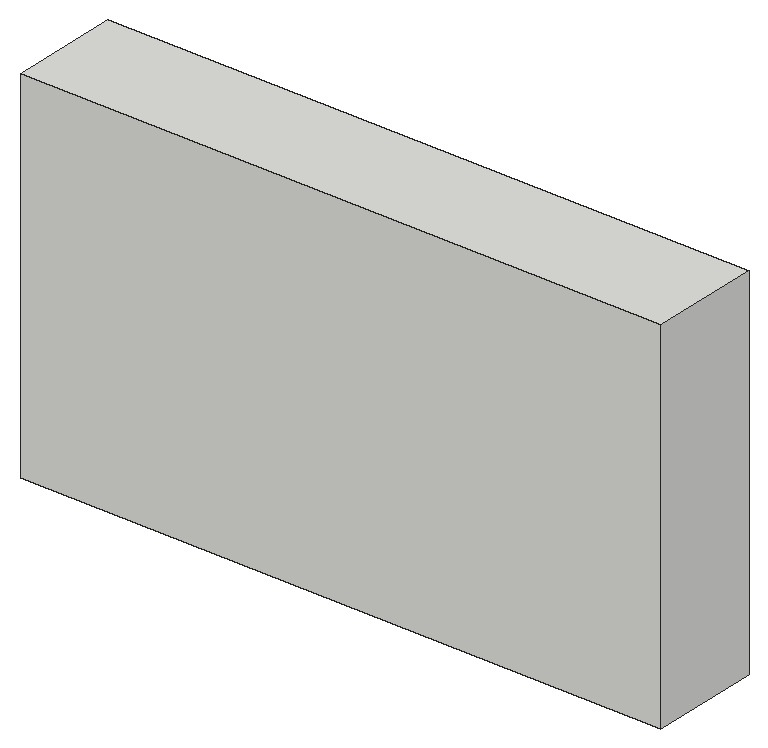
Revit family "T93061E Kubus65 M LED 32m stål LED driver_Vegg", category Lighting Fixtures, Revit 2016
Family settings
  Part Type = Normal
  Round Connector Dimension = Use Diameter
  OmniClass Number = 23.80.70.11.21
  OmniClass Title = Emergency Lighting
  Work Plane-Based = No
  Always vertical = Yes
  Cut with Voids When Loaded = No
  Light Source = Yes
  Shared = No
  Room Calculation Point = No
Parameters (values of type "MarkeringsLys (45 Opp mot venstre)")
  Type Comments = "-UN"
  NS8360 = "4431_WT2"
  Markeringslys normal = no
  Markeringslys ikke normal = yes
  Keynote = "WT2"
  Height 2 = 0 mm  # constant formula
  Width = 63.5 mm
  Wattage Comments = "17 W"
  Wattage = 9.2903 W
  built-in parameter 1150110 = 1 (stored number, unit not read)
  Voltage = 230 V
  URL = ""
  built-in parameter 1114217 = 1 (stored number, unit not read)
  Tilt Angle = 90.00°
  built-in parameter 1150109 = 1 (stored number, unit not read)
  built-in parameter 1150134 = 3
  Symbol Positive Direction [instance] = yes
  Symbol Offset Side [instance] = 0 mm
  Symbol Offset Out [instance] = 0 mm
  built-in parameter 1150113 = 1 (stored number, unit not read)
  Reference Line Out [instance] = 50 mm
  Photometric Web File = "20x42A12.ies"
  Number of Poles = 1
  MarkeringsLys Venstre = no
  MarkeringsLys Ned = no
  MarkeringsLys Opp = no
  MarkeringsLys Høyre = no
  MarkeringsLys 45 Opp mot venstre = yes
  MarkeringsLys 45 Opp mot høyre = no
  MarkeringsLys 45 Ned mot venstre = no
  MarkeringsLys 45 Ned mot høyre = no
  ML = yes
  built-in parameter 1150105 = 109.82 (stored number, unit not read)
  Lumens = 1380 lm
  built-in parameter 1150115 = 1 (stored number, unit not read)
  Load Classification [instance] = Other
  Model = ""
  Manufacturer = "Honeywell"
  built-in parameter 1150137 = (empty or 0)
  built-in parameter 1150139 = (empty or 0)
  Length 1 = 340 mm
  Length = 370 mm
  LedeLys = no
  built-in parameter 1150112 = 1 (stored number, unit not read)
  built-in parameter 1150114 = 1 (stored number, unit not read)
  Lamp = "1"
  built-in parameter 1150132 = (empty or 0)
  built-in parameter 1150102 = (empty or 0)
  built-in parameter 1150107 = 3200 (stored number, unit not read)
  built-in parameter 1150138 = (empty or 0)
  built-in parameter 1150106 = 1.0982 (stored number, unit not read)
  Height 1 = 180 mm
  Height = 209 mm
  Emit from Rectangle Width = Height  # 209 mm
  Emit from Rectangle Length = Length  # 370 mm
  Emit Shape Visible in Rendering = no
  built-in parameter 1150104 = 13.8 (stored number, unit not read)
  Dimming Lamp Color Temperature Shift = <None>
  Description = ""
  Color Filter = 16777215
  Body Material and Colour = Steel
  built-in parameter 1114218 = 1 (stored number, unit not read)
  built-in parameter 1150133 = 10 (stored number, unit not read)
  Assembly Code = "4431"
  Apparent Load = 17 VA
Types (9, lengths in mm): name | NS8360 | Markeringslys normal | Markeringslys ikke normal | MarkeringsLys Venstre | MarkeringsLys Ned | MarkeringsLys Opp | MarkeringsLys Høyre | MarkeringsLys 45 Opp mot venstre | MarkeringsLys 45 Opp mot høyre | MarkeringsLys 45 Ned mot venstre | MarkeringsLys 45 Ned mot høyre | ML | LedeLys | Assembly Code
  LedeLys | "4432_WT2" | yes | no | no | no | no | no | no | no | no | no | no | yes | "4432"
  MarkeringsLys (Ned) | "4431_WT2" | yes | no | no | yes | no | no | no | no | no | no | yes | no | "4431"
  MarkeringsLys (Opp) | "4431_WT2" | yes | no | no | no | yes | no | no | no | no | no | yes | no | "4431"
  MarkeringsLys (Venstre) | "4431_WT2" | no | yes | yes | no | no | no | no | no | no | no | yes | no | "4431"
  MarkeringsLys (Høyre) | "4431_WT2" | yes | no | no | no | no | yes | no | no | no | no | yes | no | "4431"
  MarkeringsLys (45 Ned mot høyre) | "4431_WT2" | yes | no | no | no | no | no | no | no | no | yes | yes | no | "4431"
  MarkeringsLys (45 Ned mot venstre) | "4431_WT2" | no | yes | no | no | no | no | no | no | yes | no | yes | no | "4431"
  MarkeringsLys (45 Opp mot høyre) | "4431_WT2" | yes | no | no | no | no | no | no | yes | no | no | yes | no | "4431"
  MarkeringsLys (45 Opp mot venstre) | "4431_WT2" | no | yes | no | no | no | no | yes | no | no | no | yes | no | "4431"
Reference planes
  plane 1 "Light Source Axis (F/B)": y = 119.961
  plane 2 "Top": z = 83
  plane 3 "Light Source Axis (L/R)": x = 0
  plane 4 "Level": z = 0
  plane 5 "Bottom": z = -209
  plane 6: x = -185
  plane 7: x = 185
  plane 8: y = 181.461
  plane 9: y = 183.461
  plane 10: z = -14.5
  plane 11: x = -170
  plane 12: x = 170
  plane 13: z = -104.5
  plane 14: z = -194.5
  plane 15: x = -80
  plane 16: x = 80
  plane 17: y = 149.961
Forms (mm)
  Extrusion 1, solid, material "Steel" <- "Body Material and Colour"
    sketch origin (0, 119.961, 0) x (1, 0, 0) y (0, 0, 1)
      loop
        line (-185, 0) -> (-185, -209) -> (185, -209) -> (185, 0) -> (-185, 0)
    from 0 to -61.5
  Extrusion 2, solid, material "Steel" <- "Body Material and Colour"
    sketch origin (0, 119.961, 0) x (1, 0, 0) y (0, 0, 1)
      loop
        line (-185, 0) -> (-185, -209) -> (185, -209) -> (185, 0) -> (-185, 0)
      loop
        line (-170, -14.5) -> (-170, -194.5) -> (170, -194.5) -> (170, -14.5) -> (-170, -14.5)
    from -63.5 to -61.5
  Extrusion 3, solid, material "White"
    sketch origin (0, 119.961, 0) x (1, 0, 0) y (0, 0, 1)
      loop
        line (170, -14.5) -> (-170, -14.5) -> (-170, -194.5) -> (170, -194.5) -> (170, -14.5)
    from -61.5 to -30
Cuts and joins
  joined: Extrusion 1, Extrusion 2
Lines and regions (mm)
  model lines, style "InvisibleLines"
    curve 1: line (0, 119.961, 0) -> (0, 169.961, 0)
  symbolic lines, style "InvisibleLines"
    curve 2: line (0, 119.961, 0) -> (0, 119.961, 40)
Dimensions and locks
  equal spacing: plane 6, plane 3 "Light Source Axis (L/R)", plane 7
  "Length": plane 6 to plane 7
  plane 8 to plane 1 "Light Source Axis (F/B)" = 61.5 mm
  locked: plane 9 to plane 8 at 2
  equal spacing: plane 4 "Level", plane 13, plane 5 "Bottom"
  "Height": plane 4 "Level" to plane 5 "Bottom"
  equal spacing: plane 11, plane 3 "Light Source Axis (L/R)", plane 12
  "Length 1": plane 11 to plane 12
  equal spacing: plane 10, plane 13, plane 14
  "Height 1": plane 10 to plane 14
  "Width": plane 1 "Light Source Axis (F/B)" to plane 9
  "Reference Line Out": plane 1 "Light Source Axis (F/B)" to curve 1
  plane 11 to plane 6 = 15 mm
  "Height 2": level to plane 4 "Level"
  equal spacing: plane 16, plane 3 "Light Source Axis (L/R)", plane 15
  locked: plane 16 to plane 15 at 160
  plane 1 "Light Source Axis (F/B)" to plane 17 = 30 mm
  aligned and locked: plane 3 "Light Source Axis (L/R)" to nested 2
  aligned and locked: plane 1 "Light Source Axis (F/B)" to nested 2
  aligned and locked: plane 8 to nested 1
  aligned and locked: plane 4 "Level" to Extrusion 1 sketch curve
  aligned and locked: plane 6 to Extrusion 1 sketch curve
  aligned and locked: plane 5 "Bottom" to Extrusion 1 sketch curve
  aligned and locked: Extrusion 1 sketch curve to plane 7
  aligned and locked: Extrusion 1 to plane 8
  aligned and locked: plane 1 "Light Source Axis (F/B)" to Extrusion 1
  aligned and locked: plane 4 "Level" to Extrusion 2 sketch curve
  aligned and locked: Extrusion 2 sketch curve to plane 7
  aligned and locked: plane 5 "Bottom" to Extrusion 2 sketch curve
  aligned and locked: plane 6 to Extrusion 2 sketch curve
  aligned and locked: Extrusion 2 sketch curve to plane 10
  aligned and locked: plane 11 to Extrusion 2 sketch curve
  aligned and locked: plane 14 to Extrusion 2 sketch curve
  aligned and locked: Extrusion 2 sketch curve to plane 12
  aligned and locked: plane 8 to Extrusion 2
  aligned and locked: Extrusion 2 to plane 9
  aligned and locked: nested 1 to plane 13
  aligned and locked: plane 13 to imposter light
  aligned and locked: imposter light to plane 1 "Light Source Axis (F/B)"
  aligned and locked: imposter light to plane 3 "Light Source Axis (L/R)"
  aligned and locked: plane 1 "Light Source Axis (F/B)" to curve 1
  aligned and locked: plane 3 "Light Source Axis (L/R)" to curve 1
  aligned and locked: nested 3 to plane 3 "Light Source Axis (L/R)"
  aligned and locked: plane 13 to nested 3
  aligned and locked: nested 3 to plane 8
  aligned and locked: plane 13 to nested 4
  aligned and locked: nested 4 to plane 3 "Light Source Axis (L/R)"
  aligned and locked: nested 4 to plane 8
  aligned and locked: plane 13 to nested 5
  aligned and locked: nested 5 to plane 3 "Light Source Axis (L/R)"
  aligned and locked: nested 5 to plane 8
  aligned and locked: plane 13 to nested 6
  aligned and locked: nested 6 to plane 3 "Light Source Axis (L/R)"
  aligned and locked: nested 6 to plane 8
  aligned and locked: nested 7 to plane 8
  aligned and locked: nested 7 to plane 3 "Light Source Axis (L/R)"
  aligned and locked: plane 13 to nested 7
  aligned and locked: nested 8 to plane 8
  aligned and locked: nested 8 to plane 3 "Light Source Axis (L/R)"
  aligned and locked: plane 13 to nested 8
  aligned and locked: nested 9 to plane 8
  aligned and locked: plane 13 to nested 9
  aligned and locked: nested 9 to plane 3 "Light Source Axis (L/R)"
  aligned and locked: Extrusion 3 sketch curve to plane 12
  aligned and locked: plane 14 to Extrusion 3 sketch curve
  aligned and locked: plane 11 to Extrusion 3 sketch curve
  aligned and locked: Extrusion 3 sketch curve to plane 10
  aligned and locked: Extrusion 3 to plane 8
  aligned and locked: Extrusion 3 to plane 17
  aligned and locked: plane 3 "Light Source Axis (L/R)" to curve 2
  aligned and locked: level to curve 2
  aligned and locked: plane 3 "Light Source Axis (L/R)" to nested 10
  aligned and locked: plane 1 "Light Source Axis (F/B)" to nested 10
Automatic sketch dimensions
  level to curve 2 = 40 mm
Nested families
  nested 1: "Formula 65_ned" at (0, 181.461, -104.5), type "Formula 65"
  nested 2: "LedelysS" at (0, 119.961, 0), visible <- "LedeLys", type "Type 1"
  nested 3: "Formula 65_skrått 45 grader ned mot høyre" at (0, 181.461, -104.5) x (-1, 0, 0) z (0, 0, 1), visible <- "LedeLys", type "Formula 65"
  nested 4: "Formula 65_skrått 45 grader ned mot venstre" at (0, 181.461, -104.5) x (-1, 0, 0) z (0, 0, 1), type "Formula 65"
    with 45 ned mot venstre no
  nested 5: "Formula 65_skrått 45 grader opp mot høyre" at (0, 181.461, -104.5) x (-1, 0, 0) z (0, 0, 1), type "Formula 65"
    with 45 grader opp mot høyre no
  nested 6: "Formula 65_skrått 45 grader opp mot venstre" at (0, 181.461, -104.5) x (-1, 0, 0) z (0, 0, 1), type "Formula 65"
    with 45 opp mot venstre yes
  nested 7: "Formula 65_høyre" at (0, 181.461, -104.5) x (-1, 0, 0) z (0, 0, 1), type "Formula 65"
  nested 8: "Formula 65_opp" at (0, 181.461, -104.5) x (-1, 0, 0) z (0, 0, 1), type "Formula 65"
  nested 9: "Formula 65_venstre" at (0, 181.461, -104.5) x (-1, 0, 0) z (0, 0, 1), type "Formula 65"
  nested 10: "Markeringslys1sideS" at (0, 119.961, 0), visible <- "ML", type "Type 1"
    with Venstre opp 45 yes, Normal no, Ikke normal yes, Høyre ned 45 no
Connectors
  electrical at (0, 119.961, 0), driven by "Number of Poles", driven by "Load Classification", driven by "Voltage", driven by "Apparent Load"
    settings: index 1, voltage 230 V, apparent load 0 VA, apparent load phase1 17 VA, apparent load phase2 0 VA, apparent load phase3 0 VA, power factor 1, load classification "Other", number of poles 1, system type 31, power factor state 1, is connector primary yes, connector utility no, sub classification motor no, connector description ""
Definition of nested family "Formula 65_skrått 45 grader opp mot venstre"
  Parameters (values of type "Formula 65")
    L = 205 mm
    H = 135 mm
    45 opp mot venstre = no
  Reference planes
    plane 1 "Center (Front/Back)": y = 0
    plane 2: z = 0
    plane 3 "Center (Left/Right)": x = 0
    plane 4: y = -2
  Forms (mm)
    Extrusion 1, solid, visible <- "45 opp mot venstre"
      sketch origin (453.48, 0, -265.275) x (1, 0, 0) y (0, 0, 1)
        loop
          line (-283.48, 355.275) -> (-623.48, 355.275) -> (-623.48, 175.275) -> (-283.48, 175.275) -> (-283.48, 355.275)
        loop
          circle (-413.631, 316.426) r 9.538
        loop
          line (-405.818, 299.649) -> (-410.792, 294.675) -> (-405.215, 285.016) -> (-421.051, 271.728)
          arc (-421.051, 271.728) -> (-421.985, 269.934) -> (-421.377, 268.006) r 2.642
          line (-421.377, 268.006) -> (-419.113, 265.307)
          arc (-419.113, 265.307) -> (-417.319, 264.373) -> (-415.391, 264.981) r 2.642
          line (-415.391, 264.981) -> (-400.744, 277.271) -> (-394.037, 265.655) -> (-409.421, 252.746) -> (-409.421, 210.706)
          arc (-409.421, 210.706) -> (-408.132, 207.592) -> (-405.018, 206.303) r 4.403
          line (-405.018, 206.303) -> (-400.615, 206.303)
          arc (-400.615, 206.303) -> (-397.501, 207.592) -> (-396.211, 210.706) r 4.403
          line (-396.211, 210.706) -> (-396.211, 246.586) -> (-387.33, 254.038) -> (-380.295, 241.853) -> (-334.565, 241.853)
          arc (-334.565, 241.853) -> (-331.452, 243.143) -> (-330.162, 246.257) r 4.403
          line (-330.162, 246.257) -> (-330.162, 250.66)
          arc (-330.162, 250.66) -> (-331.452, 253.773) -> (-334.565, 255.063) r 4.403
          line (-334.565, 255.063) -> (-357.415, 255.063) -> (-379.592, 293.474) -> (-356.678, 289.013) -> (-348.425, 274.717)
          arc (-348.425, 274.717) -> (-346.753, 273.469) -> (-344.698, 273.823) r 2.642
          line (-344.698, 273.823) -> (-341.647, 275.804)
          arc (-341.647, 275.804) -> (-340.501, 277.47) -> (-340.87, 279.459) r 2.642
          line (-340.87, 279.459) -> (-352.354, 297.143) -> (-398.173, 306.065) -> (-405.818, 299.649)
        loop
          line (-576.312, 263.83) -> (-563.787, 251.304) -> (-563.787, 280.53) -> (-501.964, 218.707) -> (-489.439, 231.232) -> (-551.262, 293.055) -> (-522.037, 293.055) -> (-534.562, 305.58) -> (-576.312, 305.58) -> (-576.312, 263.83)
      from 0 to 2
  Dimensions and locks
    aligned and locked: level to plane 2
Definition of nested family "Formula 65_ned"
  Parameters (values of type "Formula 65")
    Ned = no
    L = 205 mm
    H = 135 mm
  Reference planes
    plane 1 "Center (Front/Back)": y = 0
    plane 2: z = 0
    plane 3 "Center (Left/Right)": x = 0
    plane 4: y = -2
  Forms (mm)
    Extrusion 1, solid, visible <- "Ned"
      sketch origin (453.48, 0, -265.275) x (1, 0, 0) y (0, 0, 1)
        loop
          line (-283.48, 355.275) -> (-623.48, 355.275) -> (-623.48, 175.275) -> (-283.48, 175.275) -> (-283.48, 355.275)
        loop
          line (-488.223, 237.797) -> (-488.223, 255.51) -> (-508.888, 234.844) -> (-508.888, 322.275) -> (-526.602, 322.275) -> (-526.602, 234.844) -> (-547.267, 255.51) -> (-547.267, 237.797) -> (-517.745, 208.275) -> (-488.223, 237.797)
        loop
          circle (-413.631, 316.426) r 9.538
        loop
          line (-405.818, 299.649) -> (-410.792, 294.675) -> (-405.215, 285.016) -> (-421.051, 271.728)
          arc (-421.051, 271.728) -> (-421.985, 269.934) -> (-421.377, 268.006) r 2.642
          line (-421.377, 268.006) -> (-419.113, 265.307)
          arc (-419.113, 265.307) -> (-417.319, 264.373) -> (-415.391, 264.981) r 2.642
          line (-415.391, 264.981) -> (-400.744, 277.271) -> (-394.037, 265.655) -> (-409.421, 252.746) -> (-409.421, 210.706)
          arc (-409.421, 210.706) -> (-408.132, 207.592) -> (-405.018, 206.303) r 4.403
          line (-405.018, 206.303) -> (-400.615, 206.303)
          arc (-400.615, 206.303) -> (-397.501, 207.592) -> (-396.211, 210.706) r 4.403
          line (-396.211, 210.706) -> (-396.211, 246.586) -> (-387.33, 254.038) -> (-380.295, 241.853) -> (-334.565, 241.853)
          arc (-334.565, 241.853) -> (-331.452, 243.143) -> (-330.162, 246.257) r 4.403
          line (-330.162, 246.257) -> (-330.162, 250.66)
          arc (-330.162, 250.66) -> (-331.452, 253.773) -> (-334.565, 255.063) r 4.403
          line (-334.565, 255.063) -> (-357.415, 255.063) -> (-379.592, 293.474) -> (-356.678, 289.013) -> (-348.425, 274.717)
          arc (-348.425, 274.717) -> (-346.753, 273.469) -> (-344.698, 273.823) r 2.642
          line (-344.698, 273.823) -> (-341.647, 275.804)
          arc (-341.647, 275.804) -> (-340.501, 277.47) -> (-340.87, 279.459) r 2.642
          line (-340.87, 279.459) -> (-352.354, 297.143) -> (-398.173, 306.065) -> (-405.818, 299.649)
      from 0 to 2
  Dimensions and locks
    aligned and locked: level to plane 2
Definition of nested family "LedelysS"
  Parameters
    CQ Symbol Positive Direction = yes
    CQ Symbol Negative Direction = not(CQ Symbol Positive Direction)  # no
    CQ Symbol Offset Side = 0 mm
    CQ Symbol Offset Out = 0 mm
  Reference planes
    plane 1: y = 0
    plane 2: x = 0
  Dimensions and locks
    "CQ Symbol Offset Out": plane 1 to nested 1
    "CQ Symbol Offset Out": plane 1 to nested 2
    "CQ Symbol Offset Side": plane 2 to nested 2
    "CQ Symbol Offset Side": nested 1 to plane 2
  Nested families
    nested 1: "LedelysSub" at (0, 0, 0), visible <- "CQ Symbol Negative Direction", type "Type 1"
    nested 2: "LedelysSub" at (0, 0, 0), visible <- "CQ Symbol Positive Direction", type "Type 1"
  Definition of nested family "LedelysSub"
    Reference planes
      plane 1: y = 0
      plane 2: x = 0
    Lines and regions (mm)
      detail lines
        curve 1: line (-4, 0, 0) -> (4, 0, 0)
        curve 2: line (4, 0, 0) -> (4, 4, 0)
        curve 3: line (4, 4, 0) -> (-4, 4, 0)
        curve 4: line (-4, 4, 0) -> (-4, 0, 0)
        curve 5: line (-3.097, 0.75, 0) -> (-0.597, 3.25, 0)
        curve 6: line (-3.097, 3.25, 0) -> (-0.597, 0.75, 0)
        curve 7: circle (-1.847, 2, 0) r 1.2 normal (0, 0, 1)
    Text (mm)
      text "LL" at (2.179, 3.025, 0)
Definition of nested family "Formula 65_skrått 45 grader ned mot høyre"
  Parameters (values of type "Formula 65")
    L = 205 mm
    H = 135 mm
    45 ned mot høyre = no
  Reference planes
    plane 1 "Center (Front/Back)": y = 0
    plane 2: z = 0
    plane 3 "Center (Left/Right)": x = 0
    plane 4: y = -2
    plane 5: x = -242.63
    plane 6: x = 245
  Forms (mm)
    Extrusion 1, solid, visible <- "45 ned mot høyre"
      sketch origin (453.48, 0, -265.275) x (1, 0, 0) y (0, 0, 1)
        loop
          line (-283.48, 355.275) -> (-623.48, 355.275) -> (-623.48, 175.275) -> (-283.48, 175.275) -> (-283.48, 355.275)
        loop
          circle (-493.329, 316.426) r 9.538
        loop
          line (-501.141, 299.649) -> (-508.786, 306.065) -> (-554.605, 297.143) -> (-566.089, 279.459)
          arc (-566.089, 279.459) -> (-566.458, 277.47) -> (-565.312, 275.804) r 2.642
          line (-565.312, 275.804) -> (-562.261, 273.823)
          arc (-562.261, 273.823) -> (-560.206, 273.469) -> (-558.534, 274.717) r 2.642
          line (-558.534, 274.717) -> (-550.281, 289.013) -> (-527.367, 293.474) -> (-549.544, 255.063) -> (-572.394, 255.063)
          arc (-572.394, 255.063) -> (-575.507, 253.773) -> (-576.797, 250.66) r 4.403
          line (-576.797, 250.66) -> (-576.797, 246.257)
          arc (-576.797, 246.257) -> (-575.507, 243.143) -> (-572.394, 241.853) r 4.403
          line (-572.394, 241.853) -> (-526.664, 241.853) -> (-519.629, 254.038) -> (-510.748, 246.586) -> (-510.748, 210.706)
          arc (-510.748, 210.706) -> (-509.458, 207.592) -> (-506.344, 206.303) r 4.403
          line (-506.344, 206.303) -> (-501.941, 206.303)
          arc (-501.941, 206.303) -> (-498.828, 207.592) -> (-497.538, 210.706) r 4.403
          line (-497.538, 210.706) -> (-497.538, 252.746) -> (-512.922, 265.655) -> (-506.215, 277.271) -> (-491.568, 264.981)
          arc (-491.568, 264.981) -> (-489.64, 264.373) -> (-487.846, 265.307) r 2.642
          line (-487.846, 265.307) -> (-485.582, 268.006)
          arc (-485.582, 268.006) -> (-484.974, 269.934) -> (-485.908, 271.728) r 2.642
          line (-485.908, 271.728) -> (-501.744, 285.016) -> (-496.167, 294.675) -> (-501.141, 299.649)
        loop
          line (-336.647, 266.72) -> (-349.172, 279.245) -> (-349.172, 250.02) -> (-410.995, 311.842) -> (-423.52, 299.317) -> (-361.697, 237.495) -> (-390.923, 237.495) -> (-378.397, 224.97) -> (-336.647, 224.97) -> (-336.647, 266.72)
      from 0 to 2
  Dimensions and locks
    aligned and locked: level to plane 2
Definition of nested family "Formula 65_skrått 45 grader ned mot venstre"
  Parameters (values of type "Formula 65")
    L = 205 mm
    H = 135 mm
    45 ned mot venstre = yes
  Reference planes
    plane 1 "Center (Front/Back)": y = 0
    plane 2: z = 0
    plane 3 "Center (Left/Right)": x = 0
    plane 4: y = -2
  Forms (mm)
    Extrusion 1, solid, visible <- "45 ned mot venstre"
      sketch origin (453.48, 0, -265.275) x (1, 0, 0) y (0, 0, 1)
        loop
          line (-283.48, 355.275) -> (-623.48, 355.275) -> (-623.48, 175.275) -> (-283.48, 175.275) -> (-283.48, 355.275)
        loop
          circle (-413.631, 316.426) r 9.538
        loop
          line (-405.818, 299.649) -> (-410.792, 294.675) -> (-405.215, 285.016) -> (-421.051, 271.728)
          arc (-421.051, 271.728) -> (-421.985, 269.934) -> (-421.377, 268.006) r 2.642
          line (-421.377, 268.006) -> (-419.113, 265.307)
          arc (-419.113, 265.307) -> (-417.319, 264.373) -> (-415.391, 264.981) r 2.642
          line (-415.391, 264.981) -> (-400.744, 277.271) -> (-394.037, 265.655) -> (-409.421, 252.746) -> (-409.421, 210.706)
          arc (-409.421, 210.706) -> (-408.132, 207.592) -> (-405.018, 206.303) r 4.403
          line (-405.018, 206.303) -> (-400.615, 206.303)
          arc (-400.615, 206.303) -> (-397.501, 207.592) -> (-396.211, 210.706) r 4.403
          line (-396.211, 210.706) -> (-396.211, 246.586) -> (-387.33, 254.038) -> (-380.295, 241.853) -> (-334.565, 241.853)
          arc (-334.565, 241.853) -> (-331.452, 243.143) -> (-330.162, 246.257) r 4.403
          line (-330.162, 246.257) -> (-330.162, 250.66)
          arc (-330.162, 250.66) -> (-331.452, 253.773) -> (-334.565, 255.063) r 4.403
          line (-334.565, 255.063) -> (-357.415, 255.063) -> (-379.592, 293.474) -> (-356.678, 289.013) -> (-348.425, 274.717)
          arc (-348.425, 274.717) -> (-346.753, 273.469) -> (-344.698, 273.823) r 2.642
          line (-344.698, 273.823) -> (-341.647, 275.804)
          arc (-341.647, 275.804) -> (-340.501, 277.47) -> (-340.87, 279.459) r 2.642
          line (-340.87, 279.459) -> (-352.354, 297.143) -> (-398.173, 306.065) -> (-405.818, 299.649)
        loop
          line (-564.312, 266.72) -> (-564.312, 224.97) -> (-522.562, 224.97) -> (-510.037, 237.495) -> (-539.262, 237.495) -> (-477.439, 299.317) -> (-489.964, 311.842) -> (-551.787, 250.02) -> (-551.787, 279.245) -> (-564.312, 266.72)
      from 0 to 2
  Dimensions and locks
    aligned and locked: level to plane 2
Definition of nested family "Formula 65_skrått 45 grader opp mot høyre"
  Parameters (values of type "Formula 65")
    L = 205 mm
    H = 135 mm
    45 grader opp mot høyre = yes
  Reference planes
    plane 1 "Center (Front/Back)": y = 0
    plane 2: z = 0
    plane 3 "Center (Left/Right)": x = 0
    plane 4: y = -2
  Forms (mm)
    Extrusion 1, solid, visible <- "45 grader opp mot høyre"
      sketch origin (453.48, 0, -265.275) x (1, 0, 0) y (0, 0, 1)
        loop
          line (-283.48, 355.275) -> (-623.48, 355.275) -> (-623.48, 175.275) -> (-283.48, 175.275) -> (-283.48, 355.275)
        loop
          circle (-493.329, 316.426) r 9.538
        loop
          line (-501.141, 299.649) -> (-508.786, 306.065) -> (-554.605, 297.143) -> (-566.089, 279.459)
          arc (-566.089, 279.459) -> (-566.458, 277.47) -> (-565.312, 275.804) r 2.642
          line (-565.312, 275.804) -> (-562.261, 273.823)
          arc (-562.261, 273.823) -> (-560.206, 273.469) -> (-558.534, 274.717) r 2.642
          line (-558.534, 274.717) -> (-550.281, 289.013) -> (-527.367, 293.474) -> (-549.544, 255.063) -> (-572.394, 255.063)
          arc (-572.394, 255.063) -> (-575.507, 253.773) -> (-576.797, 250.66) r 4.403
          line (-576.797, 250.66) -> (-576.797, 246.257)
          arc (-576.797, 246.257) -> (-575.507, 243.143) -> (-572.394, 241.853) r 4.403
          line (-572.394, 241.853) -> (-526.664, 241.853) -> (-519.629, 254.038) -> (-510.748, 246.586) -> (-510.748, 210.706)
          arc (-510.748, 210.706) -> (-509.458, 207.592) -> (-506.344, 206.303) r 4.403
          line (-506.344, 206.303) -> (-501.941, 206.303)
          arc (-501.941, 206.303) -> (-498.828, 207.592) -> (-497.538, 210.706) r 4.403
          line (-497.538, 210.706) -> (-497.538, 252.746) -> (-512.922, 265.655) -> (-506.215, 277.271) -> (-491.568, 264.981)
          arc (-491.568, 264.981) -> (-489.64, 264.373) -> (-487.846, 265.307) r 2.642
          line (-487.846, 265.307) -> (-485.582, 268.006)
          arc (-485.582, 268.006) -> (-484.974, 269.934) -> (-485.908, 271.728) r 2.642
          line (-485.908, 271.728) -> (-501.744, 285.016) -> (-496.167, 294.675) -> (-501.141, 299.649)
        loop
          line (-336.647, 263.83) -> (-336.647, 305.58) -> (-378.397, 305.58) -> (-390.923, 293.055) -> (-361.697, 293.055) -> (-423.52, 231.232) -> (-410.995, 218.707) -> (-349.172, 280.53) -> (-349.172, 251.304) -> (-336.647, 263.83)
      from 0 to 2
  Dimensions and locks
    aligned and locked: level to plane 2
Definition of nested family "Formula 65_høyre"
  Parameters (values of type "Formula 65")
    L = 205 mm
    Høyre = no
    H = 135 mm
  Reference planes
    plane 1 "Center (Front/Back)": y = 0
    plane 2: z = 0
    plane 3 "Center (Left/Right)": x = 0
    plane 4: y = -2
  Forms (mm)
    Extrusion 1, solid, visible <- "Høyre"
      sketch origin (453.48, 0, -265.275) x (1, 0, 0) y (0, 0, 1)
        loop
          line (-283.48, 355.275) -> (-623.48, 355.275) -> (-623.48, 175.275) -> (-283.48, 175.275) -> (-283.48, 355.275)
        loop
          circle (-493.329, 316.426) r 9.538
        loop
          line (-501.141, 299.649) -> (-508.786, 306.065) -> (-554.605, 297.143) -> (-566.089, 279.459)
          arc (-566.089, 279.459) -> (-566.458, 277.47) -> (-565.312, 275.804) r 2.642
          line (-565.312, 275.804) -> (-562.261, 273.823)
          arc (-562.261, 273.823) -> (-560.206, 273.469) -> (-558.534, 274.717) r 2.642
          line (-558.534, 274.717) -> (-550.281, 289.013) -> (-527.367, 293.474) -> (-549.544, 255.063) -> (-572.394, 255.063)
          arc (-572.394, 255.063) -> (-575.507, 253.773) -> (-576.797, 250.66) r 4.403
          line (-576.797, 250.66) -> (-576.797, 246.257)
          arc (-576.797, 246.257) -> (-575.507, 243.143) -> (-572.394, 241.853) r 4.403
          line (-572.394, 241.853) -> (-526.664, 241.853) -> (-519.629, 254.038) -> (-510.748, 246.586) -> (-510.748, 210.706)
          arc (-510.748, 210.706) -> (-509.458, 207.592) -> (-506.344, 206.303) r 4.403
          line (-506.344, 206.303) -> (-501.941, 206.303)
          arc (-501.941, 206.303) -> (-498.828, 207.592) -> (-497.538, 210.706) r 4.403
          line (-497.538, 210.706) -> (-497.538, 252.746) -> (-512.922, 265.655) -> (-506.215, 277.271) -> (-491.568, 264.981)
          arc (-491.568, 264.981) -> (-489.64, 264.373) -> (-487.846, 265.307) r 2.642
          line (-487.846, 265.307) -> (-485.582, 268.006)
          arc (-485.582, 268.006) -> (-484.974, 269.934) -> (-485.908, 271.728) r 2.642
          line (-485.908, 271.728) -> (-501.744, 285.016) -> (-496.167, 294.675) -> (-501.141, 299.649)
        loop
          line (-346.474, 294.797) -> (-364.187, 294.797) -> (-343.522, 274.131) -> (-430.952, 274.131) -> (-430.952, 256.418) -> (-343.522, 256.418) -> (-364.187, 235.753) -> (-346.474, 235.753) -> (-316.952, 265.275) -> (-346.474, 294.797)
      from 0 to 2
  Dimensions and locks
    aligned and locked: level to plane 2
Definition of nested family "Formula 65_opp"
  Parameters (values of type "Formula 65")
    Up = no
    L = 205 mm
    H = 135 mm
  Reference planes
    plane 1 "Center (Front/Back)": y = 0
    plane 2: z = 0
    plane 3 "Center (Left/Right)": x = 0
    plane 4: y = -2
  Forms (mm)
    Extrusion 1, solid, visible <- "Up"
      sketch origin (453.48, 0, -265.275) x (1, 0, 0) y (0, 0, 1)
        loop
          line (-283.48, 355.275) -> (-623.48, 355.275) -> (-623.48, 175.275) -> (-283.48, 175.275) -> (-283.48, 355.275)
        loop
          circle (-413.631, 316.426) r 9.538
        loop
          line (-405.818, 299.649) -> (-410.792, 294.675) -> (-405.215, 285.016) -> (-421.051, 271.728)
          arc (-421.051, 271.728) -> (-421.985, 269.934) -> (-421.377, 268.006) r 2.642
          line (-421.377, 268.006) -> (-419.113, 265.307)
          arc (-419.113, 265.307) -> (-417.319, 264.373) -> (-415.391, 264.981) r 2.642
          line (-415.391, 264.981) -> (-400.744, 277.271) -> (-394.037, 265.655) -> (-409.421, 252.746) -> (-409.421, 210.706)
          arc (-409.421, 210.706) -> (-408.132, 207.592) -> (-405.018, 206.303) r 4.403
          line (-405.018, 206.303) -> (-400.615, 206.303)
          arc (-400.615, 206.303) -> (-397.501, 207.592) -> (-396.211, 210.706) r 4.403
          line (-396.211, 210.706) -> (-396.211, 246.586) -> (-387.33, 254.038) -> (-380.295, 241.853) -> (-334.565, 241.853)
          arc (-334.565, 241.853) -> (-331.452, 243.143) -> (-330.162, 246.257) r 4.403
          line (-330.162, 246.257) -> (-330.162, 250.66)
          arc (-330.162, 250.66) -> (-331.452, 253.773) -> (-334.565, 255.063) r 4.403
          line (-334.565, 255.063) -> (-357.415, 255.063) -> (-379.592, 293.474) -> (-356.678, 289.013) -> (-348.425, 274.717)
          arc (-348.425, 274.717) -> (-346.753, 273.469) -> (-344.698, 273.823) r 2.642
          line (-344.698, 273.823) -> (-341.647, 275.804)
          arc (-341.647, 275.804) -> (-340.501, 277.47) -> (-340.87, 279.459) r 2.642
          line (-340.87, 279.459) -> (-352.354, 297.143) -> (-398.173, 306.065) -> (-405.818, 299.649)
        loop
          line (-488.223, 292.753) -> (-517.745, 322.275) -> (-547.267, 292.753) -> (-547.267, 275.04) -> (-526.602, 295.705) -> (-526.602, 208.275) -> (-508.888, 208.275) -> (-508.888, 295.705) -> (-488.223, 275.04) -> (-488.223, 292.753)
      from 0 to 2
  Dimensions and locks
    aligned and locked: level to plane 2
Definition of nested family "Formula 65_venstre"
  Parameters (values of type "Formula 65")
    Venstre = no
    L = 340 mm
    H = 135 mm
  Reference planes
    plane 1 "Center (Front/Back)": y = 0
    plane 2: z = 0
    plane 3 "Center (Left/Right)": x = 0
    plane 4: y = -2
  Forms (mm)
    Extrusion 1, solid, visible <- "Venstre"
      sketch origin (453.48, 0, -265.275) x (1, 0, 0) y (0, 0, 1)
        loop
          line (-283.48, 355.275) -> (-623.48, 355.275) -> (-623.48, 175.275) -> (-283.48, 175.275) -> (-283.48, 355.275)
        loop
          circle (-413.631, 316.426) r 9.538
        loop
          line (-405.818, 299.649) -> (-410.792, 294.675) -> (-405.215, 285.016) -> (-421.051, 271.728)
          arc (-421.051, 271.728) -> (-421.985, 269.934) -> (-421.377, 268.006) r 2.642
          line (-421.377, 268.006) -> (-419.113, 265.307)
          arc (-419.113, 265.307) -> (-417.319, 264.373) -> (-415.391, 264.981) r 2.642
          line (-415.391, 264.981) -> (-400.744, 277.271) -> (-394.037, 265.655) -> (-409.421, 252.746) -> (-409.421, 210.706)
          arc (-409.421, 210.706) -> (-408.132, 207.592) -> (-405.018, 206.303) r 4.403
          line (-405.018, 206.303) -> (-400.615, 206.303)
          arc (-400.615, 206.303) -> (-397.501, 207.592) -> (-396.211, 210.706) r 4.403
          line (-396.211, 210.706) -> (-396.211, 246.586) -> (-387.33, 254.038) -> (-380.295, 241.853) -> (-334.565, 241.853)
          arc (-334.565, 241.853) -> (-331.452, 243.143) -> (-330.162, 246.257) r 4.403
          line (-330.162, 246.257) -> (-330.162, 250.66)
          arc (-330.162, 250.66) -> (-331.452, 253.773) -> (-334.565, 255.063) r 4.403
          line (-334.565, 255.063) -> (-357.415, 255.063) -> (-379.592, 293.474) -> (-356.678, 289.013) -> (-348.425, 274.717)
          arc (-348.425, 274.717) -> (-346.753, 273.469) -> (-344.698, 273.823) r 2.642
          line (-344.698, 273.823) -> (-341.647, 275.804)
          arc (-341.647, 275.804) -> (-340.501, 277.47) -> (-340.87, 279.459) r 2.642
          line (-340.87, 279.459) -> (-352.354, 297.143) -> (-398.173, 306.065) -> (-405.818, 299.649)
        loop
          line (-549.985, 294.797) -> (-579.507, 265.275) -> (-549.985, 235.753) -> (-532.272, 235.753) -> (-552.937, 256.418) -> (-465.507, 256.418) -> (-465.507, 274.131) -> (-552.937, 274.131) -> (-532.272, 294.797) -> (-549.985, 294.797)
      from 0 to 2
  Dimensions and locks
    aligned and locked: level to plane 2
Definition of nested family "Markeringslys1sideS"
  Parameters (values of type "Type 1")
    Venstre opp 45 = no
    Venstre ned 45 = no
    Venstre = no
    Opp = no
    Normal = yes
    Ned = no
    Ikke normal = no
    Høyre opp 45 = no
    Høyre ned 45 = yes
    Høyre = no
    CQ Symbol Positive Direction = yes
    CQ Symbol Negative Direction = not(CQ Symbol Positive Direction)  # no
    CQ Symbol Offset Side = 0 mm
    CQ Symbol Offset Out = 0 mm
  Reference planes
    plane 1: y = 0
    plane 2: x = 0
  Dimensions and locks
    "CQ Symbol Offset Out": plane 1 to nested 1
    "CQ Symbol Offset Out": plane 1 to nested 2
    "CQ Symbol Offset Side": plane 2 to nested 2
    "CQ Symbol Offset Side": nested 1 to plane 2
  Nested families
    nested 1: "Markeringslys dobbel" at (0, 0, 0), visible <- "CQ Symbol Negative Direction", type "Type 1"
      with Venstre no, Normal yes, Ikke normal no, Høyre ned 45 yes
    nested 2: "Markeringslys dobbel" at (0, 0, 0), visible <- "CQ Symbol Positive Direction", type "Type 1"
      with Venstre no, Normal yes, Ikke normal no, Høyre ned 45 yes
  Definition of nested family "Markeringslys dobbel"
    Parameters (values of type "Type 1")
      Venstre opp 45 = no
      Venstre ned 45 = no
      Venstre = yes
      Opp = no
      Normal = no
      Ned = no
      Ikke normal = yes
      Høyre opp 45 = no
      Høyre ned 45 = no
      Høyre = no
    Reference planes
      plane 1: y = 0
      plane 2: x = 0
    Lines and regions (mm)
      detail lines
        curve 1: line (-4, 0, 0) -> (4, 0, 0)
        curve 2: line (-4, 4, 0) -> (4, 4, 0)
        curve 3: line (4, 4, 0) -> (4, 0, 0)
        curve 4: line (4, 0, 0) -> (-4, 0, 0)
        curve 5: line (-4, 0, 0) -> (-4, 4, 0)
      detail lines, visible <- "Ned"
        curve 6: line (-2.346, 0.5, 0) -> (-1.646, 0.5, 0)
        curve 7: line (-2.346, 0.5, 0) -> (-2.346, 2.584, 0)
        curve 8: line (-1.646, 0.5, 0) -> (-1.646, 2.584, 0)
        curve 9: line (-1.996, 3.5, 0) -> (-2.996, 2.5, 0)
        curve 10: line (-2.996, 2.5, 0) -> (-2.996, 1.934, 0)
        curve 11: line (-2.996, 1.934, 0) -> (-2.346, 2.584, 0)
        curve 12: line (-1.996, 3.5, 0) -> (-0.996, 2.5, 0)
        curve 13: line (-0.996, 2.5, 0) -> (-0.996, 1.934, 0)
        curve 14: line (-0.996, 1.934, 0) -> (-1.646, 2.584, 0)
      detail lines, visible <- "Normal"
        curve 15: circle (1.212, 0.614, 0) r 0.3 normal (0, 0, -1)
        curve 16: line (0.986, 3.7, 0) -> (1.395, 3.7, 0)
        curve 17: line (0.986, 3.7, 0) -> (1.823, 2.308, 0)
        curve 18: line (1.823, 2.308, 0) -> (1.461, 1.495, 0)
        curve 19: line (1.069, 2.147, 0) -> (1.461, 1.495, 0)
        curve 20: line (1.069, 2.147, 0) -> (0.487, 2.147, 0)
        curve 21: line (0.487, 2.147, 0) -> (0.487, 1.847, 0)
        curve 22: line (0.487, 1.847, 0) -> (0.899, 1.847, 0)
        curve 23: line (0.899, 1.847, 0) -> (1.307, 1.169, 0)
        curve 24: line (1.395, 3.7, 0) -> (2.104, 2.518, 0)
        curve 25: line (1.307, 1.169, 0) -> (1.753, 0.97, 0)
        curve 26: line (1.753, 0.97, 0) -> (2.625, 0.97, 0)
        curve 27: line (2.625, 0.97, 0) -> (2.99, 1.627, 0)
        curve 28: line (2.99, 1.627, 0) -> (2.769, 1.848, 0)
        curve 29: line (2.769, 1.848, 0) -> (2.457, 1.285, 0)
        curve 30: line (2.104, 2.518, 0) -> (2.259, 3.229, 0)
        curve 31: line (2.259, 3.229, 0) -> (3.557, 3.229, 0)
        curve 32: line (3.557, 3.229, 0) -> (3.457, 2.879, 0)
        curve 33: line (3.457, 2.879, 0) -> (2.541, 2.879, 0)
        curve 34: line (2.541, 2.879, 0) -> (2.4, 2.23, 0)
        curve 35: line (2.4, 2.23, 0) -> (2.021, 1.38, 0)
        curve 36: line (2.021, 1.38, 0) -> (2.457, 1.285, 0)
      detail lines, visible <- "Opp"
        curve 37: line (-1.646, 3.5, 0) -> (-2.346, 3.5, 0)
        curve 38: line (-1.646, 3.5, 0) -> (-1.646, 1.416, 0)
        curve 39: line (-2.346, 3.5, 0) -> (-2.346, 1.416, 0)
        curve 40: line (-1.996, 0.5, 0) -> (-0.996, 1.5, 0)
        curve 41: line (-0.996, 1.5, 0) -> (-0.996, 2.066, 0)
        curve 42: line (-0.996, 2.066, 0) -> (-1.646, 1.416, 0)
        curve 43: line (-1.996, 0.5, 0) -> (-2.996, 1.5, 0)
        curve 44: line (-2.996, 1.5, 0) -> (-2.996, 2.066, 0)
        curve 45: line (-2.996, 2.066, 0) -> (-2.346, 1.416, 0)
      detail lines, visible <- "Høyre"
        curve 46: line (-0.496, 1.65, 0) -> (-0.496, 2.35, 0)
        curve 47: line (-0.496, 1.65, 0) -> (-2.58, 1.65, 0)
        curve 48: line (-0.496, 2.35, 0) -> (-2.58, 2.35, 0)
        curve 49: line (-3.496, 2, 0) -> (-2.466, 0.97, 0)
        curve 50: line (-2.496, 1, 0) -> (-1.93, 1, 0)
        curve 51: line (-1.93, 1, 0) -> (-2.58, 1.65, 0)
        curve 52: line (-3.496, 2, 0) -> (-2.496, 3, 0)
        curve 53: line (-2.496, 3, 0) -> (-1.93, 3, 0)
        curve 54: line (-1.93, 3, 0) -> (-2.58, 2.35, 0)
      detail lines, visible <- "Ikke normal"
        curve 55: circle (-1.299, 0.614, 0) r 0.3 normal (0, 0, 1)
        curve 56: line (-1.073, 3.7, 0) -> (-1.482, 3.7, 0)
        curve 57: line (-1.073, 3.7, 0) -> (-1.91, 2.308, 0)
        curve 58: line (-1.91, 2.308, 0) -> (-1.548, 1.495, 0)
        curve 59: line (-1.156, 2.147, 0) -> (-1.548, 1.495, 0)
        curve 60: line (-1.156, 2.147, 0) -> (-0.574, 2.147, 0)
        curve 61: line (-0.574, 2.147, 0) -> (-0.574, 1.847, 0)
        curve 62: line (-0.574, 1.847, 0) -> (-0.986, 1.847, 0)
        curve 63: line (-0.986, 1.847, 0) -> (-1.394, 1.169, 0)
        curve 64: line (-1.482, 3.7, 0) -> (-2.192, 2.518, 0)
        curve 65: line (-1.394, 1.169, 0) -> (-1.84, 0.97, 0)
        curve 66: line (-1.84, 0.97, 0) -> (-2.713, 0.97, 0)
        curve 67: line (-2.713, 0.97, 0) -> (-3.077, 1.627, 0)
        curve 68: line (-3.077, 1.627, 0) -> (-2.856, 1.848, 0)
        curve 69: line (-2.856, 1.848, 0) -> (-2.544, 1.285, 0)
        curve 70: line (-2.192, 2.518, 0) -> (-2.346, 3.229, 0)
        curve 71: line (-2.346, 3.229, 0) -> (-3.644, 3.229, 0)
        curve 72: line (-3.644, 3.229, 0) -> (-3.544, 2.879, 0)
        curve 73: line (-3.544, 2.879, 0) -> (-2.628, 2.879, 0)
        curve 74: line (-2.628, 2.879, 0) -> (-2.487, 2.23, 0)
        curve 75: line (-2.487, 2.23, 0) -> (-2.108, 1.38, 0)
        curve 76: line (-2.108, 1.38, 0) -> (-2.544, 1.285, 0)
      detail lines, visible <- "Venstre"
        curve 77: line (0.409, 1.65, 0) -> (0.409, 2.35, 0)
        curve 78: line (0.409, 1.65, 0) -> (2.493, 1.65, 0)
        curve 79: line (0.409, 2.35, 0) -> (2.493, 2.35, 0)
        curve 80: line (3.409, 2, 0) -> (2.409, 1, 0)
        curve 81: line (2.409, 1, 0) -> (1.843, 1, 0)
        curve 82: line (1.843, 1, 0) -> (2.493, 1.65, 0)
        curve 83: line (3.409, 2, 0) -> (2.409, 3, 0)
        curve 84: line (2.409, 3, 0) -> (1.843, 3, 0)
        curve 85: line (1.843, 3, 0) -> (2.493, 2.35, 0)
      detail lines, visible <- "Venstre opp 45"
        curve 86: line (0.601, 2.813, 0) -> (1.096, 3.308, 0)
        curve 87: line (0.601, 2.813, 0) -> (2.075, 1.339, 0)
        curve 88: line (1.096, 3.308, 0) -> (2.57, 1.834, 0)
        curve 89: line (2.97, 0.939, 0) -> (1.556, 0.939, 0)
        curve 90: line (1.556, 0.939, 0) -> (1.156, 1.339, 0)
        curve 91: line (1.156, 1.339, 0) -> (2.075, 1.339, 0)
        curve 92: line (2.97, 0.939, 0) -> (2.97, 2.354, 0)
        curve 93: line (2.97, 2.354, 0) -> (2.57, 2.754, 0)
        curve 94: line (2.57, 2.754, 0) -> (2.57, 1.834, 0)
      detail lines, visible <- "Venstre ned 45"
        curve 95: line (1.096, 0.939, 0) -> (0.601, 1.434, 0)
        curve 96: line (1.096, 0.939, 0) -> (2.57, 2.413, 0)
        curve 97: line (0.601, 1.434, 0) -> (2.075, 2.908, 0)
        curve 98: line (2.97, 3.308, 0) -> (2.97, 1.894, 0)
        curve 99: line (2.97, 1.894, 0) -> (2.57, 1.494, 0)
        curve 100: line (2.57, 1.494, 0) -> (2.57, 2.413, 0)
        curve 101: line (2.97, 3.308, 0) -> (1.556, 3.308, 0)
        curve 102: line (1.556, 3.308, 0) -> (1.156, 2.908, 0)
        curve 103: line (1.156, 2.908, 0) -> (2.075, 2.908, 0)
      detail lines, visible <- "Høyre ned 45"
        curve 104: line (-1.18, 0.517, 0) -> (-0.685, 1.012, 0)
        curve 105: line (-1.18, 0.517, 0) -> (-2.654, 1.991, 0)
        curve 106: line (-0.685, 1.012, 0) -> (-2.159, 2.486, 0)
        curve 107: line (-3.054, 2.886, 0) -> (-3.054, 1.472, 0)
        curve 108: line (-3.054, 1.472, 0) -> (-2.654, 1.072, 0)
        curve 109: line (-2.654, 1.072, 0) -> (-2.654, 1.991, 0)
        curve 110: line (-3.054, 2.886, 0) -> (-1.64, 2.886, 0)
        curve 111: line (-1.64, 2.886, 0) -> (-1.24, 2.486, 0)
        curve 112: line (-1.24, 2.486, 0) -> (-2.159, 2.486, 0)
      detail lines, visible <- "Høyre opp 45"
        curve 113: line (-0.685, 2.391, 0) -> (-1.18, 2.886, 0)
        curve 114: line (-0.685, 2.391, 0) -> (-2.159, 0.917, 0)
        curve 115: line (-1.18, 2.886, 0) -> (-2.654, 1.412, 0)
        curve 116: line (-3.054, 0.517, 0) -> (-1.64, 0.517, 0)
        curve 117: line (-1.64, 0.517, 0) -> (-1.24, 0.917, 0)
        curve 118: line (-1.24, 0.917, 0) -> (-2.159, 0.917, 0)
        curve 119: line (-3.054, 0.517, 0) -> (-3.054, 1.932, 0)
        curve 120: line (-3.054, 1.932, 0) -> (-2.654, 2.332, 0)
        curve 121: line (-2.654, 2.332, 0) -> (-2.654, 1.412, 0)
